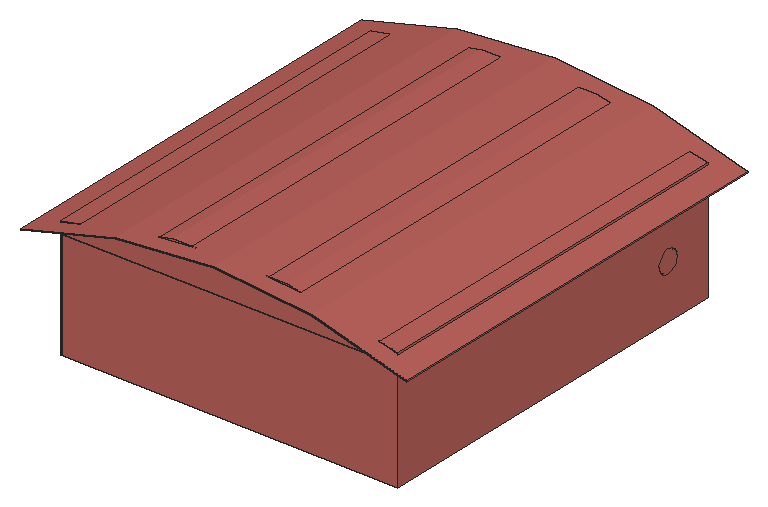
Revit family "GRAS_HW-25N-20-30 F", category Osprzęt hydrauliczny, Revit 2018
Family settings
  Obiekt nadrzędny = Powierzchnia
  Wymiar okrągłego złącza = Użyj średnicy
  Typ części = Normalny
  Tnij formami wycięć po wczytaniu = Nie
  Współdzielony = Nie
  Punkt obliczania pomieszczeń = Nie
Parameters (values of type "HW-25N-20/30 F, RAL3000")
  W2 = 100 mm
  W1 = 100 mm
  URL = "http://www.gras.pl/"
  Top Right Supply Connection = ""
  Top Left Supply Connection = ""
  Side Right Supply Connection = ""
  Side Left Supply Connection = ""
  Producent = "GRAS PPPH"
  Opis = "https://gras.pl/en/hw-25-n-20-30-f/"
  Model = "HW-25N-20/30 F, RAL3000"
  K Factor = 42
  H1 = 100 mm
  Flow = 60.0 L/s
  Door_Right - Door_Left [instance] = no
  Default Elevation = 0 mm
  DN = 25 mm
  D2 = 110 mm
  D1 = 110 mm
  Cabinet width = 680 mm
  Cabinet material = DC01, RAL3000
  Cabinet height = 780 mm
  Cabinet depth = 220 mm
  Back Right Supply Connection = ""
  Back Left Supply Connection = ""
Types (2, lengths in mm): name | Model | Cabinet material
  HW-25N-20/30 F, RAL3000 | "HW-25N-20/30 F, RAL3000" | DC01, RAL3000
  HW-25N-20/30 F, RAL9010 | "HW-25N-20/30 F, RAL9010" | DC01, RAL9010
Reference planes
  plane 1 "Środek (Przód/Tył)": y = 0
  plane 2: z = 0
  plane 3 "Środek (Lewa/Prawa)": x = 0
  plane 4: y = 390
  plane 5: y = -390
  plane 6: x = -340
  plane 7: x = 340
  plane 8: z = 220
  plane 9: z = 130
  plane 10: x = 397.5
  plane 11: z = 0
  plane 12: x = -397.5
  plane 13: z = 130
  plane 14: z = 130
Forms (mm)
  Extrusion 1, solid, not visible
    sketch origin (0, 0, 0) x (1, 0, 0) y (0, 1, 0)
      loop
        line (-1219.2, 1219.2) -> (-1219.2, -1219.2) -> (1219.2, -1219.2) -> (1219.2, 1219.2) -> (-1219.2, 1219.2)
    from 0 to -304.8
Dimensions and locks
  equal spacing: plane 4, plane 1 "Środek (Przód/Tył)", plane 5
  "Cabinet height": plane 4 to plane 5
  equal spacing: plane 6, plane 3 "Środek (Lewa/Prawa)", plane 7
  "Cabinet width": plane 6 to plane 7
  "Cabinet depth": plane 8 to Extrusion 1
  aligned and locked: plane 2 to Extrusion 1
  aligned and locked: level to Extrusion 1
  aligned and locked: Extrusion 1 to nested 1
  aligned and locked: nested 1 to plane 5  (x2)
  aligned and locked: plane 4 to nested 1  (x2)
  aligned and locked: plane 1 "Środek (Przód/Tył)" to nested 1
  aligned and locked: nested 1 to plane 6
  aligned and locked: nested 1 to plane 7
  aligned and locked: plane 8 to nested 1
Automatic sketch dimensions
  Extrusion 1 sketch curve to Extrusion 1 sketch curve = 2438.4 mm  (x2)
Nested families
  nested 1: "cabinet" at (0, 390, 0) x (-1, 0, 0) z (0, -1, 0), type "cabinet_on_the_wall"
    with W2 100 mm, W1 100 mm, H1 100 mm, D2 110 mm, D1 110 mm, Cabinet_Height 780 mm, Door_Height 860 mm, Depth 220 mm
Connectors
  piping at (240, 389, 110), diameter 25, driven by "K Factor", driven by "Flow", driven by "DN", driven by "Top Right Supply Connection"
    settings: on nested 1, index 1, connector inside diameter 609.6 mm, connector length 0 mm, flow factor 0, pipe flow 60.0 L/s, pressure drop 0.0 Pa, fitting loss kfactor 42, connector angle 0.00°, fixture units 0, engagement length 0 mm, angle of deflection 0.00°, flow configuration 0, flow direction 1, fitting loss method 2, system type 23, joint type 0, gender type 0, connector reference index -1, connector utility 0, adjustable connector no, is connector primary yes, connector description ""
  piping at (-240, 390, 110), diameter 25, driven by "K Factor", driven by "DN", driven by "Flow", driven by "Top Left Supply Connection"
    settings: on nested 1, index 2, connector inside diameter 609.6 mm, connector length 0 mm, flow factor 0, pipe flow 60.0 L/s, pressure drop 0.0 Pa, fitting loss kfactor 42, connector angle 0.00°, fixture units 0, engagement length 0 mm, angle of deflection 0.00°, flow configuration 0, flow direction 1, fitting loss method 2, system type 23, joint type 0, gender type 0, connector reference index -1, connector utility 0, adjustable connector no, is connector primary no, connector description ""
  piping at (-340, 290, 110), diameter 25, driven by "K Factor", driven by "Flow", driven by "DN", driven by "Side Left Supply Connection"
    settings: on nested 1, index 4, connector inside diameter 609.6 mm, connector length 0 mm, flow factor 0, pipe flow 60.0 L/s, pressure drop 0.0 Pa, fitting loss kfactor 42, connector angle 0.00°, fixture units 0, engagement length 0 mm, angle of deflection 0.00°, flow configuration 0, flow direction 1, fitting loss method 2, system type 23, joint type 0, gender type 0, connector reference index -1, connector utility 0, adjustable connector no, is connector primary no, connector description ""
  piping at (240, 290, 1), diameter 25, driven by "K Factor", driven by "Flow", driven by "DN", driven by "Back Right Supply Connection"
    settings: on nested 1, index 6, connector inside diameter 609.6 mm, connector length 0 mm, flow factor 0, pipe flow 60.0 L/s, pressure drop 0.0 Pa, fitting loss kfactor 42, connector angle 0.00°, fixture units 0, engagement length 0 mm, angle of deflection 0.00°, flow configuration 0, flow direction 1, fitting loss method 2, system type 23, joint type 0, gender type 0, connector reference index -1, connector utility 0, adjustable connector no, is connector primary no, connector description ""
  piping at (-240, 290, 1), diameter 25, driven by "Flow", driven by "DN", driven by "Back Left Supply Connection", driven by "K Factor"
    settings: on nested 1, index 7, connector inside diameter 609.6 mm, connector length 0 mm, flow factor 0, pipe flow 60.0 L/s, pressure drop 0.0 Pa, fitting loss kfactor 42, connector angle 0.00°, fixture units 0, engagement length 0 mm, angle of deflection 0.00°, flow configuration 0, flow direction 1, fitting loss method 2, system type 23, joint type 0, gender type 0, connector reference index -1, connector utility 0, adjustable connector no, is connector primary no, connector description ""
  piping at (340, 290, 110), diameter 25, driven by "Flow", driven by "DN", driven by "Side Right Supply Connection", driven by "K Factor"
    settings: on nested 1, index 8, connector inside diameter 609.6 mm, connector length 0 mm, flow factor 0, pipe flow 60.0 L/s, pressure drop 0.0 Pa, fitting loss kfactor 42, connector angle 0.00°, fixture units 0, engagement length 0 mm, angle of deflection 0.00°, flow configuration 0, flow direction 1, fitting loss method 2, system type 23, joint type 0, gender type 0, connector reference index -1, connector utility 0, adjustable connector no, is connector primary no, connector description ""
Definition of nested family "cabinet"
  Parameters (values of type "cabinet_on_the_wall")
    W2 = 80 mm
    W1 = 80 mm
    H1 = 85 mm
    Frame_Solo = no
    Frame_KP = no
    Door_Right = no
    Door_Left = not(Door_Right)  # yes
    D2 = 85 mm
    D1 = 85 mm
    Cabinet_Width = 680 mm
    Sheet Thickness = 1 mm
    Cabinet_Height = 760 mm
    Frame Width = 18 mm
    Door_Width = Cabinet_Width + 100 mm  # 780 mm
    Door_Height = Cabinet_Height + 80 mm  # 840 mm
    Default Elevation = 0 mm
    Depth = 170 mm
    Cabinet_Color = none
    Base_Frame_Width = 18 mm
    0 = 0 mm
  Reference planes
    plane 1 "Środek (Przód/Tył)": y = 0
    plane 2: z = 0
    plane 3 "Środek (Lewa/Prawa)": x = 0
    plane 4: z = 380
    plane 5: z = 760
    plane 6: x = -340
    plane 7: x = 340
    plane 8: z = 800
    plane 9: z = -40
    plane 10: x = -390
    plane 11: x = 390
    plane 12: y = -170
  Forms (mm)
    Sweep 1, solid, material <- "Cabinet_Color", detail levels medium+fine
      path in 3D
        loop
          line (340, -170, 760) -> (340, -170, 0) -> (-340, -170, 0) -> (-340, -170, 760) -> (340, -170, 760)
      profile "profile_on_the_wall : profile_on_the_wall" origin (0, -170, 760) x (0, 1, 0) y (0, 0, 1)
        loop
          line (0, 0) -> (0, -18) -> (22, -18) -> (22, -31) -> (23, -31) -> (23, -17) -> (1, -17) -> (1, 0) -> (0, 0)
    Extrusion 2, solid, material <- "Cabinet_Color", detail levels coarse
      sketch origin (0, 0, 0) x (1, 0, 0) y (0, 0, 1)
        loop
          line (-340, 0) -> (340, 0) -> (340, 760) -> (-340, 760) -> (-340, 0)
      from 0 to 170
  Lines and regions (mm)
    sketch lines
      curve 1: line (-340, -170, 760) -> (340, -170, 760)
      curve 2: line (340, -170, 760) -> (340, -170, 0)
      curve 3: line (340, -170, 0) -> (-340, -170, 0)
      curve 4: line (-340, -170, 760) -> (-340, -170, 0)
  Dimensions and locks
    equal spacing: plane 5, plane 4, level
    "Cabinet_Height": plane 5 to level
    equal spacing: plane 7, plane 3 "Środek (Lewa/Prawa)", plane 6
    "Cabinet_Width": plane 7 to plane 6
    equal spacing: plane 8, plane 4, plane 9
    "Door_Height": plane 8 to plane 9
    equal spacing: plane 11, plane 3 "Środek (Lewa/Prawa)", plane 10
    "Door_Width": plane 11 to plane 10
    "Depth": plane 12 to plane 1 "Środek (Przód/Tył)"  (x2)
    "0": plane 4 to nested 2
    aligned and locked: level to plane 2
    aligned and locked: nested 1 to plane 1 "Środek (Przód/Tył)"
    aligned and locked: plane 5 to Sweep 1
    aligned and locked: Sweep 1 to level
    aligned and locked: Sweep 1 to plane 6
    aligned and locked: plane 7 to Sweep 1
    aligned and locked: nested 1 to plane 6
    aligned and locked: plane 7 to nested 1
    aligned and locked: nested 1 to level
    aligned and locked: plane 5 to nested 1
    aligned and locked: Extrusion 2 sketch curve to nested 1  (x3)
    aligned and locked: Extrusion 2 to plane 1 "Środek (Przód/Tył)"
    aligned and locked: Extrusion 2 to level  (x2)
    aligned and locked: Extrusion 2 to nested 1
    aligned and locked: plane 5 to Extrusion 2
    aligned and locked: Extrusion 2 to plane 6
    aligned and locked: plane 7 to Extrusion 2
    aligned and locked: Extrusion 2 to plane 12
    aligned and locked: nested 2 to plane 12
    aligned and locked: plane 3 "Środek (Lewa/Prawa)" to nested 2
  Automatic sketch dimensions
    Extrusion 2 sketch curve to level = 0 mm
  Nested families
    nested 1: "box" at (0, -85, 0), type "box", detail levels medium+fine
      with Width 680 mm, W2 80 mm, W1 80 mm, Height 760 mm, H1 85 mm, Depth 170 mm, D2 85 mm, D1 85 mm, Back Width 678 mm, Back Height 758 mm
    nested 2: "door_f" at (0, -170, -40), type "door_f"
  Definition of nested family "box"
    Parameters (values of type "box")
      diameter_outer_connection_cut = 22.5 mm
      diameter_inner_connection_cut = diameter_outer_connection_cut - 0.5 mm  # 22 mm
      Width = 795 mm
      W2 = 40 mm
      W1 = 70 mm
      Sheet Thickness = 1 mm
      Height = 795 mm
      H1 = 70 mm
      Depth = 133 mm
      D2 = 75 mm
      D1 = 65 mm
      Cabinet_Color = none
      Back Width [instance] = 793 mm
      Back Height [instance] = 793 mm
    Reference planes
      plane 1 "Środek (Przód/Tył)": y = 0
      plane 2: z = 0
      plane 3 "Środek (Lewa/Prawa)": x = 0
      plane 4: x = -397.5
      plane 5: x = 397.5
      plane 6: y = 66.5
      plane 7: y = -66.5
      plane 8: z = 795
      plane 9: z = 794
      plane 10: z = 1
      plane 11: x = -396.5
      plane 12: x = 396.5
      plane 13: y = 65.5
    Forms (mm)
      Extrusion 1, solid, material <- "Cabinet_Color"
        sketch origin (0, 0, 0) x (1, 0, 0) y (0, 1, 0)
          loop
            line (-397.5, 66.5) -> (-397.5, -66.5) -> (397.5, -66.5) -> (397.5, 66.5) -> (-397.5, 66.5)
        from 0 to 795
      Extrusion 2, void
        sketch origin (0, 0, 0) x (1, 0, 0) y (0, 0, 1)
          loop
            line (-396.5, 794) -> (-396.5, 1) -> (396.5, 1) -> (396.5, 794) -> (-396.5, 794)
        from -65.5 to 66.5
      Extrusion 3, void
        sketch origin (0, 0, 0) x (1, 0, 0) y (0, 1, 0)
          loop
            circle (-357.5, -8.5) r 22.5
          loop
            circle (-357.5, -8.5) r 22
        from 0 to 1
      Extrusion 4, void
        sketch origin (0, 0, 0) x (-1, 0, 0) y (0, -1, 0)
          loop
            circle (-357.5, 8.5) r 22.5
          loop
            circle (-357.5, 8.5) r 22
        from 0 to 1
      Extrusion 5, void
        sketch origin (0, 0, 0) x (1, 0, 0) y (0, 0, 1)
          loop
            circle (-327.5, 70) r 22.5
          loop
            circle (-327.5, 70) r 22
        from -66.5 to -65.5
      Extrusion 6, void
        sketch origin (0, 0, 0) x (-1, 0, 0) y (0, 0, -1)
          loop
            circle (-327.5, -70) r 22.5
          loop
            circle (-327.5, -70) r 22
        from -65.5 to -66.5
      Extrusion 7, void
        sketch origin (0, 0, 0) x (0, 1, 0) y (0, 0, 1)
          loop
            circle (1.5, 70) r 22.5
          loop
            circle (1.5, 70) r 22
        from 396.5 to 397.5
      Extrusion 8, void
        sketch origin (0, 0, 0) x (0, 1, 0) y (0, 0, -1)
          loop
            circle (1.5, -70) r 22.5
          loop
            circle (1.5, -70) r 22
        from 396.5 to 397.5
    Cuts and joins
      Extrusion 2, Extrusion 3, Extrusion 4, Extrusion 5, Extrusion 6, Extrusion 7, Extrusion 8 cuts Extrusion 1
    Dimensions and locks
      equal spacing: plane 4, plane 3 "Środek (Lewa/Prawa)", plane 5
      equal spacing: plane 6, plane 1 "Środek (Przód/Tył)", plane 7
      "Width": plane 4 to plane 5
      "Depth": plane 6 to plane 7
      "Height": plane 8 to level
      "Sheet Thickness": plane 8 to plane 9
      "Sheet Thickness": plane 10 to level
      "Sheet Thickness": plane 11 to plane 4
      "Sheet Thickness": plane 5 to plane 12
      "Back Width": plane 12 to plane 11
      "Back Height": plane 9 to plane 10
      "Sheet Thickness": plane 6 to plane 13
      "W2": cut or joined group 1 (Extrusion 1, Extrusion 2, Extrusion 3, Extrusion 4, Extrusion 5, Extrusion 6, Extrusion 7, Extrusion 8) to Extrusion 3 sketch curve
      "D2": cut or joined group 1 to Extrusion 3 sketch curve
      "W2": Extrusion 4 sketch curve to cut or joined group 1
      "D2": cut or joined group 1 to Extrusion 4 sketch curve
      "W1": cut or joined group 1 to Extrusion 5 sketch curve
      "H1": Extrusion 5 sketch curve to cut or joined group 1
      "D1": Extrusion 7 sketch curve to cut or joined group 1
      "H1": cut or joined group 1 to Extrusion 7 sketch curve
      "D1": cut or joined group 1 to Extrusion 8 sketch curve
      "H1": cut or joined group 1 to Extrusion 8 sketch curve
      "W1": cut or joined group 1 to Extrusion 6 sketch curve
      "H1": Extrusion 6 sketch curve to cut or joined group 1
      "diameter_outer_connection_cut": radius of Extrusion 3 sketch curve
      "diameter_inner_connection_cut": radius of Extrusion 3 sketch curve
      "diameter_outer_connection_cut": radius of Extrusion 4 sketch curve
      "diameter_inner_connection_cut": radius of Extrusion 4 sketch curve
      "diameter_outer_connection_cut": radius of Extrusion 5 sketch curve
      "diameter_inner_connection_cut": radius of Extrusion 5 sketch curve
      "diameter_outer_connection_cut": radius of Extrusion 6 sketch curve
      "diameter_inner_connection_cut": radius of Extrusion 6 sketch curve
      "diameter_outer_connection_cut": radius of Extrusion 7 sketch curve
      "diameter_inner_connection_cut": radius of Extrusion 7 sketch curve
      "diameter_outer_connection_cut": radius of Extrusion 8 sketch curve
      "diameter_inner_connection_cut": radius of Extrusion 8 sketch curve
      aligned and locked: level to plane 2
      aligned and locked: Extrusion 1 sketch curve to plane 6
      aligned and locked: plane 4 to Extrusion 1 sketch curve
      aligned and locked: plane 7 to Extrusion 1 sketch curve
      aligned and locked: Extrusion 1 sketch curve to plane 5
      aligned and locked: plane 8 to Extrusion 1
      aligned and locked: Extrusion 1 to level
      aligned and locked: Extrusion 1 to plane 7
      aligned and locked: Extrusion 2 sketch curve to plane 9
      aligned and locked: plane 11 to Extrusion 2 sketch curve
      aligned and locked: plane 10 to Extrusion 2 sketch curve
      aligned and locked: Extrusion 2 sketch curve to plane 12
      aligned and locked: plane 13 to Extrusion 2
      aligned and locked: Extrusion 2 to plane 7
      aligned and locked: Extrusion 3 to level
      aligned and locked: plane 10 to Extrusion 3
      aligned and locked: plane 6 to Extrusion 5
      aligned and locked: Extrusion 5 to plane 13
      aligned and locked: plane 5 to Extrusion 7
      aligned and locked: Extrusion 7 to plane 12
      aligned and locked: Extrusion 5 to Extrusion 2
      aligned and locked: Extrusion 6 to plane 13
      aligned and locked: plane 6 to Extrusion 6
      aligned and locked: plane 11 to Extrusion 8
      aligned and locked: Extrusion 8 to plane 4
      aligned and locked: Extrusion 1 to Extrusion 7
      aligned and locked: Extrusion 7 to Extrusion 2
    Automatic sketch dimensions
      Extrusion 3 sketch curve to Extrusion 3 sketch curve = 0 mm  (x2)
      Extrusion 4 sketch curve to Extrusion 4 sketch curve = 0 mm  (x2)
      Extrusion 5 sketch curve to Extrusion 5 sketch curve = 0 mm  (x2)
      Extrusion 6 sketch curve to Extrusion 6 sketch curve = 0 mm  (x2)
      Extrusion 7 sketch curve to Extrusion 7 sketch curve = 0 mm  (x2)
      Extrusion 8 sketch curve to Extrusion 8 sketch curve = 0 mm  (x2)
  Definition of nested family "door_f"
    Parameters (values of type "door_f")
      width = 680 mm
      thickness = 1 mm
      door_zero = door_r - door_depth  # 1075.003 mm
      door_width = 780 mm
      door_r_out = door_r + thickness  # 1151.003 mm
      door_r = 1150.003 mm
      door_height = 840 mm
      door_depth = 75 mm
      height = 760 mm
      Material = none
    Reference planes
      plane 1 "Środek (Przód/Tył)": y = 0
      plane 2: z = 0
      plane 3 "Środek (Lewa/Prawa)": x = 0
      plane 4: x = -390
      plane 5: x = 390
      plane 6: y = 1075.003
      plane 7: y = -75
      plane 8: z = 840
      plane 9: z = 420
      plane 10: x = -340
      plane 11: x = 340
      plane 12: z = 800
      plane 13: z = 40
    Forms (mm)
      Extrusion 1, solid, material <- "Material"
        sketch origin (0, 0, 0) x (1, 0, 0) y (0, 1, 0)
          loop
            line (-389.986, -6.855) -> (-389.986, -7.918)
            arc (-389.986, -7.918) -> (0.006, -76.001) -> (389.997, -7.917) r 1151.003
            line (389.997, -7.917) -> (389.997, -6.846)
            arc (389.997, -6.846) -> (0.006, -74.997) -> (-389.986, -6.855) r 1150.003
        from 0 to 840
      Extrusion 2, solid, material <- "Material"
        sketch origin (0, 0, 0) x (1, 0, 0) y (0, 1, 0)
          loop
            arc (-340, -23.59) -> (0, -75) -> (340, -23.59) r 1150.003
            line (340, -23.59) -> (340, 0) -> (-340, 0) -> (-340, -23.59)
        from 40 to 800
    Dimensions and locks
      equal spacing: plane 4, plane 3 "Środek (Lewa/Prawa)", plane 5
      "door_width": plane 4 to plane 5
      "door_depth": plane 1 "Środek (Przód/Tył)" to plane 7
      "door_zero": plane 6 to plane 1 "Środek (Przód/Tył)"
      "door_height": plane 8 to level
      equal spacing: plane 8, plane 9, level
      equal spacing: plane 10, plane 3 "Środek (Lewa/Prawa)", plane 11
      "width": plane 10 to plane 11
      equal spacing: plane 12, plane 9, plane 13
      "height": plane 12 to plane 13
      "door_r": radius of Extrusion 1 sketch curve
      "door_r_out": radius of Extrusion 1 sketch curve
      "door_r": radius of Extrusion 2 sketch curve
      aligned and locked: level to plane 2
      aligned and locked: plane 8 to Extrusion 1
      aligned and locked: Extrusion 1 to level
      aligned and locked: plane 1 "Środek (Przód/Tył)" to Extrusion 2 sketch curve
      aligned and locked: Extrusion 2 sketch curve to plane 11
      aligned and locked: plane 12 to Extrusion 2
      aligned and locked: Extrusion 2 to plane 13
    Automatic sketch dimensions
      plane 4 to Extrusion 1 sketch curve = 0.014 mm
      plane 6 to Extrusion 1 sketch curve = 0.003 mm
      Extrusion 1 sketch curve to plane 3 "Środek (Lewa/Prawa)" = 0.008 mm
      Extrusion 1 sketch curve to plane 6 = 0.001 mm
      plane 3 "Środek (Lewa/Prawa)" to Extrusion 1 sketch curve = 0.004 mm
      Extrusion 1 sketch curve to plane 5 = 0.003 mm
      Extrusion 2 sketch curve to plane 10 = 0 mm
      Extrusion 2 sketch curve to plane 3 "Środek (Lewa/Prawa)" = 0 mm
      Extrusion 2 sketch curve to plane 6 = 0 mm
